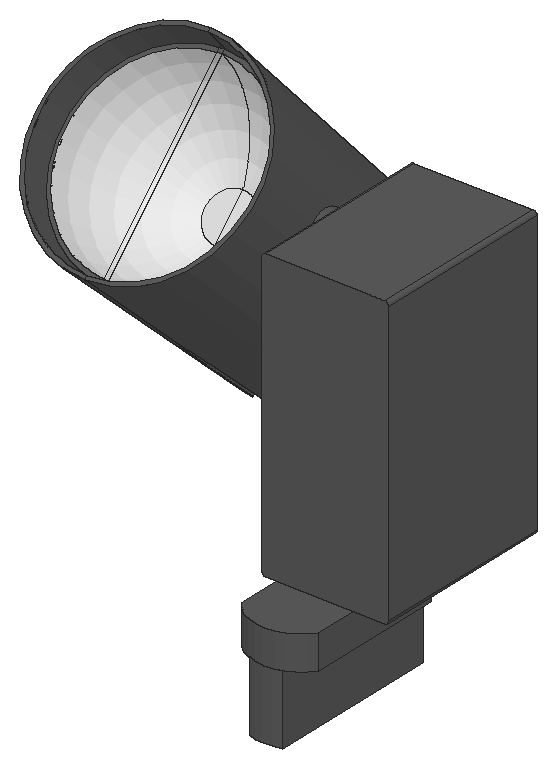
Revit family "0004886 Feilo Sylvania Lighting Fixture START TRACK SPOT S 24W 3K RA90 NB BLACK", category Lighting Fixtures, host Face, Revit 2017 (continued)
Definition of nested family "Start Track Spot Head"
  Types (96, lengths in mm): name | Wattage | built-in parameter 1150134 | Photometric Web File | Model | built-in parameter 1150105 | Lumens | built-in parameter 1150107 | built-in parameter 1150106 | HeadThickness_FEILO | HeadRibOffset_FEILO | HeadRibDepth_FEILO | HeadRibCutWidth_FEILO | HeadRibCutOffset_FEILO | HeadReflectorRadius_FEILO | HeadReflectorOffset_FEILO | HeadLEDRadius_FEILO | HeadHeight_FEILO | HeadDiffusorOffset_FEILO | HeadDiaOut_FEILO | HeadDiaIn_FEILO | HeadAxisFromTop_FEILO | Emit from Circle Diameter | built-in parameter 1150104 | Description | Apparent Load
    0004812 START TRACK SPOT S 14W 3K RA80 MB WHITE | 14 W | (empty or 0) | "0004812.ies" | "START TRACK SPOT S 14W 3K RA80 MB WHITE" | 120.32 (stored number, unit not read) | 1512 lm | 3000 (stored number, unit not read) | 1.2032 (stored number, unit not read) | 1.5 | 4.179 | 55.714 | 7.167 | 50.87 | 50.588 | 55.714 | 9.556 | 117 | 9.435 | 86 | 77.477 | 69.354 | 77.477 | 10.034 (stored number, unit not read) | "Integrated LED spotlight, Textured White - RAL9016, compact and minimalist design, ideal for retail applications, die-cast aluminium body, passive cooling heatsink. Beam angle: 36°, color temperature: 3000K , total system power: 14W, total fixture output: 1508 lm, LOR: 100%, colour rendering: Ra: 80 typical, LED Chromaticity: 3 step MacAdam ellipse, lifetime: >50000 hours at L70B50, energy class: A++, A+, A, IR/UV free light source without heat radiation, operating voltage: 220-240V / 50-60Hz, drive current: 350mA, electronic driver, non-dimmable, power factor: 0.92, electrical protection: Class II, Global Track 3 Phase adapter suitable for Global trac 3-circuit tracks, ingress protection rating: IP20, suitable for internal environment only, horizontal rotation: 355°, vertical tilt: 90°, dimensions: Ø86x140x200, weight: 0.940kg." | 14 VA
    0004811 START TRACK SPOT S 14W 3K RA80 NB WHITE | 14 W | (empty or 0) | "0004811.ies" | "START TRACK SPOT S 14W 3K RA80 NB WHITE" | 123.66 (stored number, unit not read) | 1554 lm | 3000 (stored number, unit not read) | 1.2366 (stored number, unit not read) | 1.5 | 4.179 | 55.714 | 7.167 | 50.87 | 50.588 | 55.714 | 9.556 | 117 | 9.435 | 86 | 77.477 | 69.354 | 77.477 | 10.312 (stored number, unit not read) | "Integrated LED spotlight, Textured White - RAL9016, compact and minimalist design, ideal for retail applications, die-cast aluminium body, passive cooling heatsink. Beam angle: 12°, color temperature: 3000K , total system power: 14W, total fixture output: 1551 lm, LOR: 100%, colour rendering: Ra: 80 typical, LED Chromaticity: 3 step MacAdam ellipse, lifetime: >50000 hours at L70B50, energy class: A++, A+, A, IR/UV free light source without heat radiation, operating voltage: 220-240V / 50-60Hz, drive current: 350mA, electronic driver, non-dimmable, power factor: 0.92, electrical protection: Class II, Global Track 3 Phase adapter suitable for Global trac 3-circuit tracks, ingress protection rating: IP20, suitable for internal environment only, horizontal rotation: 355°, vertical tilt: 90°, dimensions: Ø86x140x200, weight: 0.940kg." | 14 VA
  Reference planes
    plane 1 "Center (Front/Back)": y = 0
    plane 2: z = 0
    plane 3 "Center (Left/Right)": x = 0
    plane 4: x = 43
    plane 5: x = -43
    plane 6: x = -38.739
    plane 7: x = 38.739
    plane 8: z = 69.354
    plane 9: z = -47.646
    plane 10: x = -41.5
    plane 11: x = -37.239
    plane 12: z = -38.211
    plane 13: z = -35.211
    plane 14: z = 8.068
    plane 15: x = -9.556
    plane 16: x = -28.667
    plane 17: x = -19.111
    plane 18: x = -27.167
    plane 19: x = -17.611
    plane 20: x = -8.056
    plane 21: z = 13.64
    plane 22: x = -29.667
    plane 23: x = -26.167
    plane 24: x = -20.111
    plane 25: x = -16.611
    plane 26: x = -10.556
    plane 27: x = -7.056
    plane 28: x = -36.239
    plane 29: x = -40.5
    plane 30: z = 65.175
    plane 31: z = 60.997
    plane 32: z = 56.818
    plane 33: z = 18.484
    plane 34: y = -43
    plane 35: y = 43
    plane 36: y = 3.583
    plane 37: y = -3.583
    plane 38: y = -2.583
    plane 39: y = 2.583
    plane 40: y = 46
    plane 41: z = 13.5
    plane 42: z = -13.5
    plane 43: y = 39
    plane 44: x = 4.708
    plane 45: x = -2.458
    plane 46: x = -1.458
    plane 47: x = 1.458
  Forms (mm)
    Extrusion 1, solid
      sketch origin (4.2, 0, 0) x (1, 0, 0) y (0, 1, 0)
        loop
          line (-1219.2, 1219.2) -> (-1219.2, -1219.2) -> (1219.2, -1219.2) -> (1219.2, 1219.2) -> (-1219.2, 1219.2)
      from 0 to -68.017
    Revolve 2, solid, material <- "Material_1_FEILO", detail levels medium+fine
      sketch origin (0, 0, 0) x (1, 0, 0) y (0, 0, 1)
        loop
          line (-43, -47.646) -> (-41.5, -47.646) -> (-40.5, -35.211) -> (-38.739, -35.211)
          arc (-38.739, -35.211) -> (-30.16, -9.517) -> (-9.556, 8.068) r 50.588
          line (-9.556, 8.068) -> (0, 8.068) -> (0, 13.64) -> (-16.611, 13.64) -> (-17.611, 60.997) -> (-19.111, 60.997) -> (-20.111, 13.64) -> (-36.239, 13.64) -> (-37.239, 69.354) -> (-38.739, 69.354) -> (-43, -47.646)
        axis (0, 69.354) -> (0, -47.646)
      angle from 360 to 0
    Extrusion 3, void
      sketch origin (0, 0, 0) x (0, 1, 0) y (0, 0, 1)
        loop
          line (-3.583, 69.354) -> (-2.583, 18.484) -> (1.932, 18.484) -> (2.932, 69.354) -> (-3.583, 69.354)
      from 43 to -43
    Revolve 4, solid, material <- "Material_2_FEILO", detail levels medium+fine
      sketch origin (0, 0, 0) x (1, 0, 0) y (0, 0, 1)
        loop
          line (-41.5, -38.211) -> (0, -38.211) -> (0, -35.211) -> (-41.5, -35.211) -> (-41.5, -38.211)
        axis (0, -35.211) -> (0, -38.211)
      angle from 360 to 0
    Revolve 5, solid, material <- "Material_1_FEILO"
      sketch origin (0, 0, 0) x (0, 1, 0) y (0, 0, 1)
        loop
          line (46, 0) -> (39, 0) -> (39, -13.5) -> (46, -13.5) -> (46, 0)
        axis (39, 0) -> (46, 0)
      angle from 360 to 0
    Revolve 6, solid, material <- "Material_1_FEILO", detail levels medium+fine
      sketch origin (0, 0, 0) x (1, 0, 0) y (0, 0, 1)
        loop
          line (-29.667, 13.64) -> (-26.167, 13.64) -> (-27.167, 65.175) -> (-28.667, 65.175) -> (-29.667, 13.64)
        loop
          line (-10.556, 13.64) -> (-7.056, 13.64) -> (-7.833, 56.818) -> (-9.778, 56.818) -> (-10.556, 13.64)
        axis (0, 65.175) -> (0, 13.64)
      angle from 360 to 0
    Extrusion 7, void
      sketch origin (0, 0, 0) x (1, 0, 0) y (0, 0, 1)
        loop
          line (4.708, 69.354) -> (-2.458, 69.354) -> (-1.458, 13.64) -> (1.458, 13.64) -> (4.708, 69.354)
      from -43 to 43
    Revolve 8, solid, material <- "Material_1_FEILO", detail levels coarse
      sketch origin (0, 0, 0) x (1, 0, 0) y (0, 0, 1)
        loop
          line (0, 69.354) -> (-38.739, 69.354) -> (-43, -47.646) -> (-41.5, -47.646) -> (-40.731, -38.211) -> (0, -38.211) -> (0, 69.354)
        axis (0, 69.354) -> (0, -47.646)
      angle from 360 to 0
  Cuts and joins
    Extrusion 3 cuts Revolve 2
    Extrusion 7 cuts Revolve 6
  Dimensions and locks
    equal spacing: plane 7, plane 3 "Center (Left/Right)", plane 6
    equal spacing: plane 4, plane 3 "Center (Left/Right)", plane 5
    "HeadDiaOut_FEILO": plane 4 to plane 5
    "HeadDiaIn_FEILO": plane 7 to plane 6
    "HeadHeight_FEILO": plane 8 to plane 9
    "HeadThickness_FEILO": plane 10 to plane 5
    "HeadThickness_FEILO": plane 11 to plane 6
    "HeadDiffusorOffset_FEILO": plane 12 to plane 9
    "HeadDiffusorThickness_FEILO": plane 13 to plane 12
    "HeadReflectorOffset_FEILO": plane 14 to plane 9
    "HeadLEDRadius_FEILO": plane 3 "Center (Left/Right)" to plane 15
    "HeadLEDRadius_FEILO": plane 15 to plane 17
    "HeadLEDRadius_FEILO": plane 17 to plane 16
    "HeadThickness_FEILO": plane 18 to plane 16
    "HeadThickness_FEILO": plane 19 to plane 17
    "HeadThickness_FEILO": plane 20 to plane 15
    "HeadRibDepth_FEILO": plane 8 to plane 21
    "HeadDraft_FEILO": plane 16 to plane 22
    "HeadDraft_FEILO": plane 23 to plane 18
    "HeadDraft_FEILO": plane 17 to plane 24
    "HeadDraft_FEILO": plane 25 to plane 19
    "HeadDraft_FEILO": plane 15 to plane 26
    "HeadDraft_FEILO": plane 27 to plane 20
    "HeadDraft_FEILO": plane 29 to plane 10
    "HeadDraft_FEILO": plane 28 to plane 11
    "HeadRibOffset_FEILO": plane 8 to plane 30
    "HeadRibOffset_FEILO": plane 30 to plane 31
    "HeadRibOffset_FEILO": plane 31 to plane 32
    "HeadAxisFromTop_FEILO": plane 8 to plane 2
    "HeadRibCutOffset_FEILO": plane 8 to plane 33
    equal spacing: plane 34, plane 1 "Center (Front/Back)", plane 35
    "HeadDiaOut_FEILO": plane 34 to plane 35
    equal spacing: plane 38, plane 1 "Center (Front/Back)", plane 39
    equal spacing: plane 37, plane 1 "Center (Front/Back)", plane 36
    "HeadRibCutWidth_FEILO": plane 37 to plane 36
    "HeadDraft_FEILO": plane 37 to plane 38
    locked: plane 35 to plane 40 at 3
    equal spacing: plane 41, plane 2, plane 42
    locked: plane 42 to plane 41 at 27
    locked: plane 43 to plane 35 at 4
    equal spacing: plane 45, imposter light, plane 44
    "HeadDraft_FEILO": plane 46 to plane 45
    "HeadRibCutWidth_FEILO": plane 44 to plane 45
    equal spacing: plane 47, plane 3 "Center (Left/Right)", plane 46
    "HeadReflectorRadius_FEILO": radius of Revolve 2 sketch curve
    aligned and locked: plane 2 to Extrusion 1
    aligned and locked: level to Extrusion 1
    aligned and locked: Revolve 2 sketch curve to plane 3 "Center (Left/Right)"  (x2)
    aligned and locked: plane 9 to Revolve 2 sketch curve  (x2)
    aligned and locked: plane 5 to Revolve 2 sketch curve
    aligned and locked: plane 10 to Revolve 2 sketch curve
    aligned and locked: plane 14 to Revolve 2 sketch curve
    aligned and locked: plane 8 to Revolve 2 sketch curve
    aligned and locked: Revolve 2 sketch curve to plane 13
    aligned and locked: plane 12 to Revolve 4 sketch curve
    aligned and locked: plane 3 "Center (Left/Right)" to Revolve 4 sketch curve
    aligned and locked: Revolve 4 sketch curve to plane 10
    aligned and locked: Revolve 4 sketch curve to plane 3 "Center (Left/Right)"
    aligned and locked: plane 12 to imposter light
    aligned and locked: imposter light to plane 1 "Center (Front/Back)"
    aligned and locked: Revolve 5 sketch curve to plane 2
    aligned and locked: plane 43 to Revolve 5 sketch curve
    aligned and locked: plane 42 to Revolve 5 sketch curve
    aligned and locked: Revolve 6 sketch curve to plane 3 "Center (Left/Right)"
    aligned and locked: plane 22 to Revolve 6 sketch curve
    aligned and locked: plane 30 to Revolve 6 sketch curve
    aligned and locked: plane 23 to Revolve 6 sketch curve
    aligned and locked: Revolve 6 sketch curve to plane 21  (x2)
    aligned and locked: plane 21 to Revolve 6 sketch curve
    aligned and locked: plane 17 to Revolve 2 sketch curve
    aligned and locked: plane 19 to Revolve 2 sketch curve
    aligned and locked: plane 31 to Revolve 2 sketch curve
    aligned and locked: plane 21 to Revolve 2 sketch curve
    aligned and locked: Extrusion 3 to plane 8
    aligned and locked: plane 33 to Extrusion 3
    aligned and locked: plane 8 to Extrusion 3 sketch curve
    aligned and locked: Extrusion 3 sketch curve to plane 33
    aligned and locked: Extrusion 3 to plane 5
    aligned and locked: plane 4 to Extrusion 3
    aligned and locked: plane 32 to Revolve 6 sketch curve
    aligned and locked: plane 44 to Extrusion 7 sketch curve
    aligned and locked: Extrusion 7 sketch curve to plane 8
    aligned and locked: plane 46 to Extrusion 7 sketch curve
    aligned and locked: plane 21 to Extrusion 7 sketch curve
    aligned and locked: plane 34 to Extrusion 7
    aligned and locked: Extrusion 7 to plane 35
    aligned and locked: Revolve 4 sketch curve to plane 13
    aligned and locked: Revolve 5 sketch curve to plane 40
    aligned and locked: Revolve 8 sketch curve to plane 3 "Center (Left/Right)"
    aligned and locked: Revolve 8 sketch curve to cut or joined group of Revolve 2, Extrusion 3  (x3)
    aligned and locked: plane 5 to Revolve 8 sketch curve
    aligned and locked: plane 3 "Center (Left/Right)" to Revolve 8 sketch curve
    aligned and locked: plane 12 to Revolve 8 sketch curve
  Automatic sketch dimensions
    Extrusion 1 sketch curve to Extrusion 1 sketch curve = 2438.4 mm  (x2)
    Extrusion 3 sketch curve to plane 37 = 0 mm
    Extrusion 3 sketch curve to plane 38 = 0 mm
    plane 39 to Extrusion 3 sketch curve = 0.651 mm
    Extrusion 3 sketch curve to plane 39 = 0.349 mm
    Revolve 6 sketch curve to plane 16 = 0 mm
    Revolve 6 sketch curve to plane 18 = 0 mm
    Revolve 6 sketch curve to plane 26 = 0 mm
    Revolve 6 sketch curve to plane 27 = 0 mm
    Revolve 6 sketch curve to plane 15 = 0.222 mm
    plane 9 to Revolve 6 sketch curve = 559.103 mm
    Revolve 6 sketch curve to plane 8 = 2535.555 mm
    plane 20 to Revolve 6 sketch curve = 0.222 mm
    Revolve 2 sketch curve to plane 29 = 0 mm
    Revolve 2 sketch curve to plane 6 = 0 mm  (x2)
    Revolve 2 sketch curve to plane 11 = 0 mm
    Revolve 2 sketch curve to plane 21 = 0 mm
    Revolve 2 sketch curve to plane 28 = 0 mm
    Revolve 2 sketch curve to plane 24 = 0 mm
    Revolve 2 sketch curve to plane 25 = 0 mm
    Revolve 2 sketch curve to plane 15 = 0 mm
    Revolve 2 sketch curve to Revolve 2 sketch curve = 557.155 mm
    Revolve 2 sketch curve to plane 8 = 2535.558 mm
    Extrusion 7 sketch curve to plane 45 = 0 mm
    Extrusion 7 sketch curve to plane 47 = 0 mm
    plane 9 to Revolve 4 sketch curve = 559.103 mm
    Revolve 4 sketch curve to plane 8 = 2535.555 mm
    Revolve 5 sketch curve to level = 0 mm
    plane 34 to Revolve 5 sketch curve = 1968.092 mm
    Revolve 5 sketch curve to plane 40 = 1405.763 mm
    Revolve 8 sketch curve to plane 6 = 0 mm
    Revolve 8 sketch curve to plane 29 = 0.231 mm
    plane 9 to Revolve 8 sketch curve = 559.103 mm
    Revolve 8 sketch curve to Revolve 8 sketch curve = 2535.555 mm
Definition of nested family "Start Track Spot Box"
  Parameters (values of type "Type Large White")
    URL = "http://www.feilosylvania.com"
    Type Image = (empty or 0)
    Type Comments = "n/a"
    Small_FEILO = no
    Material_3_FEILO = none
    Model = ""
    Manufacturer = "Feilo Sylvania"
    Keynote = ""
    Material_2_FEILO = none
    Description = ""
    Default Elevation = 1219.2 mm
    Cost = 0
    Material_1_FEILO = none
    BoxWidth_FEILO = 49 mm
    BoxStartAngle_FEILO [instance] = 0.00°
    BoxRadius_FEILO = 1.5 mm
    BoxHeight_FEILO = if(Small_FEILO, 112 mm, 136 mm)  # 136 mm
    BoxEndAngle_FEILO [instance] = BoxStartAngle_FEILO - 180.00°  # -180.00°
    BoxDepth_FEILO = if(Small_FEILO, 71.5 mm, 79 mm)  # 79 mm
    BoxAxisVerticalOffset_FEILO = 16 mm
    BoxAxisOffset_FEILO = BoxHeight_FEILO / 6.8  # 20 mm
    Assembly Code = ""
    Material_4_FEILO = none
  Types (4, lengths in mm): name | Small_FEILO | BoxHeight_FEILO | BoxDepth_FEILO | BoxAxisOffset_FEILO
    Type Large White | no | 136 | 79 | 20
    Type Small White | yes | 112 | 71.5 | 16.471
    Type Small Black | yes | 112 | 71.5 | 16.471
    Type Large Black | no | 136 | 79 | 20
  Reference planes
    plane 1 "Center (Front/Back)": y = 0
    plane 2: z = 0
    plane 3 "Center (Left/Right)": x = 0
    plane 4: x = 24.5
    plane 5: x = -24.5
    plane 6: y = 68
    plane 7: y = -68
    plane 8: z = 39.5
    plane 9: z = -39.5
    plane 10: y = -48
    plane 11: x = 30.5
    plane 12: x = 8.5
    plane 13: x = 21.5
    plane 14: y = 70
    plane 15: y = 72
    plane 16: x = 19.5
  Forms (mm)
    Extrusion 1, solid
      sketch origin (4.2, 0, 0) x (1, 0, 0) y (0, 1, 0)
        loop
          line (-1219.2, 1219.2) -> (-1219.2, -1219.2) -> (1219.2, -1219.2) -> (1219.2, 1219.2) -> (-1219.2, 1219.2)
      from 0 to -68.017
    Extrusion 2, solid, material <- "Material_1_FEILO"
      sketch origin (0, 0, 0) x (1, 0, 0) y (0, 1, 0)
        loop
          arc (-23, 68) -> (-24.061, 67.561) -> (-24.5, 66.5) r 1.5
          line (-24.5, 66.5) -> (-24.5, -66.5)
          arc (-24.5, -66.5) -> (-24.061, -67.561) -> (-23, -68) r 1.5
          line (-23, -68) -> (23, -68)
          arc (23, -68) -> (24.061, -67.561) -> (24.5, -66.5) r 1.5
          line (24.5, -66.5) -> (24.5, 66.5)
          arc (24.5, 66.5) -> (24.061, 67.561) -> (23, 68) r 1.5
          line (23, 68) -> (-23, 68)
      from -39.5 to 39.5
    Revolve 3, solid, not visible
      sketch origin (0, 0, 0) x (1, 0, 0) y (0, 1, 0)
        loop
          line (30.5, -48) -> (24.5, -48) -> (24.5, -68) -> (30.5, -68) -> (30.5, -48)
        axis (30.5, -48) -> (24.5, -48)
      angle from 0 <- "BoxStartAngle_FEILO" to -180 <- "BoxEndAngle_FEILO"
    Revolve 4, solid, material <- "Material_2_FEILO"
      sketch origin (0, 0, 0) x (1, 0, 0) y (0, 1, 0)
        loop
          line (8.5, 68) -> (19.5, 68) -> (19.5, 70) -> (21.5, 70) -> (21.5, 72) -> (8.5, 72) -> (8.5, 68)
        axis (8.5, 72) -> (8.5, 68)
      angle from 360 to 0
  Dimensions and locks
    equal spacing: plane 5, plane 3 "Center (Left/Right)", plane 4
    "BoxWidth_FEILO": plane 5 to plane 4
    equal spacing: plane 7, plane 1 "Center (Front/Back)", plane 6
    "BoxHeight_FEILO": plane 7 to plane 6
    equal spacing: plane 8, plane 2, plane 9
    "BoxDepth_FEILO": plane 8 to plane 9
    "BoxAxisOffset_FEILO": plane 7 to plane 10
    locked: plane 4 to plane 11 at 6
    "BoxAxisVerticalOffset_FEILO": plane 12 to plane 4
    locked: plane 12 to plane 13 at 13
    plane 6 to plane 14 to plane 15 = 2 mm locked, 2 mm locked
    locked: plane 12 to plane 16 at 11
    "BoxRadius_FEILO": radius of Extrusion 2 sketch curve  (x4)
    aligned and locked: plane 2 to Extrusion 1
    aligned and locked: level to Extrusion 1
    aligned and locked: plane 6 to Extrusion 2 sketch curve
    aligned and locked: plane 5 to Extrusion 2 sketch curve
    aligned and locked: Extrusion 2 sketch curve to plane 7
    aligned and locked: Extrusion 2 sketch curve to plane 4
    aligned and locked: Extrusion 2 to plane 8
    aligned and locked: plane 9 to Extrusion 2
    aligned and locked: Revolve 3 sketch curve to plane 10  (x2)
    aligned and locked: plane 11 to Revolve 3 sketch curve
    aligned and locked: Revolve 3 sketch curve to plane 4
    aligned and locked: plane 7 to Revolve 3 sketch curve
    aligned and locked: Revolve 4 sketch curve to plane 12
    aligned and locked: plane 6 to Revolve 4 sketch curve
    aligned and locked: plane 12 to Revolve 4 sketch curve
    aligned and locked: plane 15 to Revolve 4 sketch curve
    aligned and locked: Revolve 4 sketch curve to plane 13
    aligned and locked: Revolve 4 sketch curve to plane 14
    aligned and locked: Revolve 4 sketch curve to plane 16
    aligned and locked: Revolve 4 sketch curve to plane 6
  Automatic sketch dimensions
    Extrusion 1 sketch curve to Extrusion 1 sketch curve = 2438.4 mm  (x2)
    Revolve 3 sketch curve to plane 5 = 1499.5 mm
    plane 11 to Revolve 3 sketch curve = 1493.5 mm
    plane 15 to Revolve 4 sketch curve = 0 mm
    plane 7 to Revolve 4 sketch curve = 1456 mm
    Revolve 4 sketch curve to plane 15 = 1452 mm
